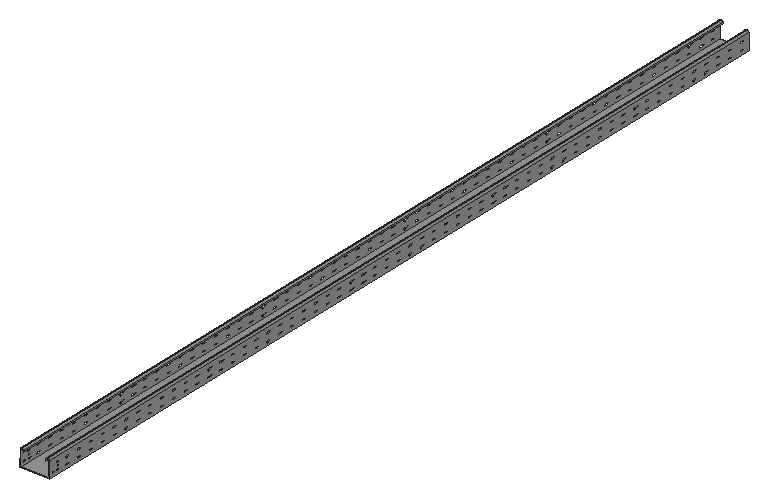
Revit family "Kabelrinne_rksm_A4_610_620_630_640_650_660", category Generic Models, Revit 2017
Family settings
  Can host rebar = No
  Round Connector Dimension = Use Diameter
  Part Type = Normal
  Work Plane-Based = No
  Always vertical = Yes
  Cut with Voids When Loaded = No
  Shared = No
  Room Calculation Point = No
Parameters (values of type "RKSM 610 A4")
  Width 1 = Width / 2  # 50 mm
  Width = 100 mm
  URL = "http://www.obo-bettermann.com"
  Material = Stainless steel, A4
  Manufacturer Art.No. = "6047614"
  Manufacturer = "OBO BETTERMANN"
  Length = 3000 mm
  GTIN = "4012195706113"
  Cut's space 2 = 50.8 mm
  Cut's space = 101.7 mm
  Cut's number 3 = (Length / Cut's space 2) - 1  # 58
  Cut's number 2 = 2
  Cut's number = Length / Cut's space  # 29
  Article Type = "RKSM 610 A4"
Reference planes
  plane 1 "Center (Front/Back)": y = 0
  plane 2: z = 0
  plane 3 "Center (Left/Right)": x = 0
  plane 4: z = 60
  plane 5: z = 51
  plane 6: x = -25
  plane 7: x = -25
  plane 8: z = -2.65
  plane 9: z = -3.65
  plane 10: y = 3000
  plane 11: y = 82.8
  plane 12: y = 133.6
  plane 13: x = 49
  plane 14: x = 50
  plane 15: x = -50
  plane 16: x = -49
  plane 17: x = -49
  plane 18: x = -50
  plane 19: x = -49
  plane 20: x = -50
  plane 21: x = -50
  plane 22: x = -49
  plane 23: x = 50
  plane 24: x = 49
  plane 25: x = -50
  plane 26: x = -49
  plane 27: x = -49
  plane 28: x = -50
Forms (mm)
  Extrusion 1, solid, material "Stainless steel, A4" <- "Material"
    sketch origin (0, 0, 0) x (1, 0, 0) y (0, 0, 1)
      loop
        line (-50, 0) -> (50, 0) -> (50, 54.088)
        arc (50, 54.088) -> (44, 60.088) -> (38, 54.088) r 6
        line (38, 54.088) -> (38, 51) -> (39, 51) -> (39, 54.088)
        arc (39, 54.088) -> (44, 59.088) -> (49, 54.088) r 5
        line (49, 54.088) -> (49, 1) -> (-49, 1) -> (-49, 54.218)
        arc (-49, 54.218) -> (-44, 59.218) -> (-39, 54.218) r 5
        line (-39, 54.218) -> (-39, 51) -> (-38, 51) -> (-38, 54.218)
        arc (-38, 54.218) -> (-44, 60.218) -> (-50, 54.218) r 6
        line (-50, 54.218) -> (-50, 0)
    from 0 to -3000
  Extrusion 2, solid, not visible
    sketch origin (0, 0, 0) x (1, 0, 0) y (0, 1, 0)
      loop
        arc (-34.045, -114.18) -> (-25, -123.225) -> (-15.955, -114.18) r 9.045
        line (-15.955, -114.18) -> (-15.955, -89.18)
        arc (-15.955, -89.18) -> (-25, -80.135) -> (-34.045, -89.18) r 9.045
        line (-34.045, -89.18) -> (-34.045, -114.18)
    from -2.65 to 0
  Extrusion 3, void, not visible
    sketch origin (0, 0, 0) x (1, 0, 0) y (0, 1, 0)
      loop
        arc (-28.5, -114.18) -> (-25, -117.68) -> (-21.5, -114.18) r 3.5
        line (-21.5, -114.18) -> (-21.5, -89.18)
        arc (-21.5, -89.18) -> (-25, -85.68) -> (-28.5, -89.18) r 3.5
        line (-28.5, -89.18) -> (-28.5, -114.18)
    from -3.65 to 1
  Extrusion 4, void, not visible
    sketch origin (0, 0, 0) x (0, 1, 0) y (0, 0, 1)
      loop
        arc (-82.76, 16) -> (-86.26, 12.5) -> (-82.76, 9) r 3.5
        line (-82.76, 9) -> (-69.76, 9)
        arc (-69.76, 9) -> (-66.26, 12.5) -> (-69.76, 16) r 3.5
        line (-69.76, 16) -> (-82.76, 16)
    from 49 to 50
  Extrusion 5, void
    sketch origin (25, 0, 0) x (0, 1, 0) y (0, 0, 1)
      loop
        line (82.8, 16) -> (69.8, 16)
        arc (69.8, 16) -> (66.3, 12.5) -> (69.8, 9) r 3.5
        line (69.8, 9) -> (82.8, 9)
        arc (82.8, 9) -> (86.3, 12.5) -> (82.8, 16) r 3.5
    from -75 to -74
  Extrusion 6, void, not visible
    sketch origin (25, 0, 0) x (0, 1, 0) y (0, 0, 1)
      loop
        line (82.76, 16) -> (69.76, 16)
        arc (69.76, 16) -> (66.26, 12.5) -> (69.76, 9) r 3.5
        line (69.76, 9) -> (82.76, 9)
        arc (82.76, 9) -> (86.26, 12.5) -> (82.76, 16) r 3.5
    from -75 to -74
  Extrusion 7, void, not visible
    sketch origin (-25, 0, 0) x (0, 1, 0) y (0, 0, 1)
      loop
        arc (69.76, 15.998) -> (66.26, 12.498) -> (69.76, 8.998) r 3.5
        line (69.76, 8.998) -> (82.76, 8.998)
        arc (82.76, 8.998) -> (86.26, 12.498) -> (82.76, 15.998) r 3.5
        line (82.76, 15.998) -> (69.76, 15.998)
    from 74 to 75
  Extrusion 8, void
    sketch origin (25, 0, 25) x (0, 1, 0) y (0, 0, 1)
      loop
        line (82.8, 16) -> (69.8, 16)
        arc (69.8, 16) -> (66.3, 12.5) -> (69.8, 9) r 3.5
        line (69.8, 9) -> (82.8, 9)
        arc (82.8, 9) -> (86.3, 12.5) -> (82.8, 16) r 3.5
    from -75 to -74
  Extrusion 9, void, not visible
    sketch origin (25, 0, 0) x (0, 1, 0) y (0, 0, 1)
      loop
        line (82.8, 16) -> (69.8, 16)
        arc (69.8, 16) -> (66.3, 12.5) -> (69.8, 9) r 3.5
        line (69.8, 9) -> (82.8, 9)
        arc (82.8, 9) -> (86.3, 12.5) -> (82.8, 16) r 3.5
    from -75 to -74
  Extrusion 10, void
    sketch origin (-20, 0, 0) x (0, 1, 0) y (0, 0, 1)
      loop
        arc (69.8, 16) -> (66.3, 12.5) -> (69.8, 9) r 3.5
        line (69.8, 9) -> (82.8, 9)
        arc (82.8, 9) -> (86.3, 12.5) -> (82.8, 16) r 3.5
        line (82.8, 16) -> (69.8, 16)
    from 69 to 70
  Extrusion 11, void
    sketch origin (-20, 0, 25) x (0, 1, 0) y (0, 0, 1)
      loop
        arc (69.8, 16) -> (66.3, 12.5) -> (69.8, 9) r 3.5
        line (69.8, 9) -> (82.8, 9)
        arc (82.8, 9) -> (86.3, 12.5) -> (82.8, 16) r 3.5
        line (82.8, 16) -> (69.8, 16)
    from 69 to 70
  Extrusion 12, void, not visible
    sketch origin (0, 0, 0) x (0, 1, 0) y (0, 0, 1)
      loop
        arc (69.8, 16) -> (66.3, 12.5) -> (69.8, 9) r 3.5
        line (69.8, 9) -> (82.8, 9)
        arc (82.8, 9) -> (86.3, 12.5) -> (82.8, 16) r 3.5
        line (82.8, 16) -> (69.8, 16)
    from 69 to 70
  Extrusion 13, void
    sketch origin (-20, 50.8, 0) x (0, 1, 0) y (0, 0, 1)
      loop
        arc (69.8, 16) -> (66.3, 12.5) -> (69.8, 9) r 3.5
        line (69.8, 9) -> (82.8, 9)
        arc (82.8, 9) -> (86.3, 12.5) -> (82.8, 16) r 3.5
        line (82.8, 16) -> (69.8, 16)
    from 69 to 70
  Extrusion 14, void
    sketch origin (-20, 50.8, 25) x (0, 1, 0) y (0, 0, 1)
      loop
        arc (69.8, 16) -> (66.3, 12.5) -> (69.8, 9) r 3.5
        line (69.8, 9) -> (82.8, 9)
        arc (82.8, 9) -> (86.3, 12.5) -> (82.8, 16) r 3.5
        line (82.8, 16) -> (69.8, 16)
    from 69 to 70
  Extrusion 15, void
    sketch origin (-20, 101.6, 0) x (0, 1, 0) y (0, 0, 1)
      loop
        arc (69.8, 16) -> (66.3, 12.5) -> (69.8, 9) r 3.5
        line (69.8, 9) -> (82.8, 9)
        arc (82.8, 9) -> (86.3, 12.5) -> (82.8, 16) r 3.5
        line (82.8, 16) -> (69.8, 16)
    from 69 to 70
  Extrusion 16, void
    sketch origin (-20, 101.6, 25) x (0, 1, 0) y (0, 0, 1)
      loop
        arc (69.8, 16) -> (66.3, 12.5) -> (69.8, 9) r 3.5
        line (69.8, 9) -> (82.8, 9)
        arc (82.8, 9) -> (86.3, 12.5) -> (82.8, 16) r 3.5
        line (82.8, 16) -> (69.8, 16)
    from 69 to 70
  Extrusion 17, void
    sketch origin (-20, 152.4, 0) x (0, 1, 0) y (0, 0, 1)
      loop
        arc (69.8, 16) -> (66.3, 12.5) -> (69.8, 9) r 3.5
        line (69.8, 9) -> (82.8, 9)
        arc (82.8, 9) -> (86.3, 12.5) -> (82.8, 16) r 3.5
        line (82.8, 16) -> (69.8, 16)
    from 69 to 70
  Extrusion 18, void
    sketch origin (-20, 152.4, 25) x (0, 1, 0) y (0, 0, 1)
      loop
        arc (69.8, 16) -> (66.3, 12.5) -> (69.8, 9) r 3.5
        line (69.8, 9) -> (82.8, 9)
        arc (82.8, 9) -> (86.3, 12.5) -> (82.8, 16) r 3.5
        line (82.8, 16) -> (69.8, 16)
    from 69 to 70
  Extrusion 19, void
    sketch origin (25, 50.8, 0) x (0, 1, 0) y (0, 0, 1)
      loop
        line (82.8, 16) -> (69.8, 16)
        arc (69.8, 16) -> (66.3, 12.5) -> (69.8, 9) r 3.5
        line (69.8, 9) -> (82.8, 9)
        arc (82.8, 9) -> (86.3, 12.5) -> (82.8, 16) r 3.5
    from -75 to -74
  Extrusion 20, void
    sketch origin (25, 50.8, 25) x (0, 1, 0) y (0, 0, 1)
      loop
        line (82.8, 16) -> (69.8, 16)
        arc (69.8, 16) -> (66.3, 12.5) -> (69.8, 9) r 3.5
        line (69.8, 9) -> (82.8, 9)
        arc (82.8, 9) -> (86.3, 12.5) -> (82.8, 16) r 3.5
    from -75 to -74
  Extrusion 21, void
    sketch origin (25, 101.6, 0) x (0, 1, 0) y (0, 0, 1)
      loop
        line (82.8, 16) -> (69.8, 16)
        arc (69.8, 16) -> (66.3, 12.5) -> (69.8, 9) r 3.5
        line (69.8, 9) -> (82.8, 9)
        arc (82.8, 9) -> (86.3, 12.5) -> (82.8, 16) r 3.5
    from -75 to -74
  Extrusion 22, void
    sketch origin (25, 101.6, 25) x (0, 1, 0) y (0, 0, 1)
      loop
        line (82.8, 16) -> (69.8, 16)
        arc (69.8, 16) -> (66.3, 12.5) -> (69.8, 9) r 3.5
        line (69.8, 9) -> (82.8, 9)
        arc (82.8, 9) -> (86.3, 12.5) -> (82.8, 16) r 3.5
    from -75 to -74
  Extrusion 23, void
    sketch origin (25, 152.4, 0) x (0, 1, 0) y (0, 0, 1)
      loop
        line (82.8, 16) -> (69.8, 16)
        arc (69.8, 16) -> (66.3, 12.5) -> (69.8, 9) r 3.5
        line (69.8, 9) -> (82.8, 9)
        arc (82.8, 9) -> (86.3, 12.5) -> (82.8, 16) r 3.5
    from -75 to -74
  Extrusion 24, void
    sketch origin (25, 152.4, 25) x (0, 1, 0) y (0, 0, 1)
      loop
        line (82.8, 16) -> (69.8, 16)
        arc (69.8, 16) -> (66.3, 12.5) -> (69.8, 9) r 3.5
        line (69.8, 9) -> (82.8, 9)
        arc (82.8, 9) -> (86.3, 12.5) -> (82.8, 16) r 3.5
    from -75 to -74
  Extrusion 25, void
    sketch origin (25, 203.2, 0) x (0, 1, 0) y (0, 0, 1)
      loop
        line (82.8, 16) -> (69.8, 16)
        arc (69.8, 16) -> (66.3, 12.5) -> (69.8, 9) r 3.5
        line (69.8, 9) -> (82.8, 9)
        arc (82.8, 9) -> (86.3, 12.5) -> (82.8, 16) r 3.5
    from -75 to -74
  Extrusion 26, void
    sketch origin (25, 203.2, 25) x (0, 1, 0) y (0, 0, 1)
      loop
        line (82.8, 16) -> (69.8, 16)
        arc (69.8, 16) -> (66.3, 12.5) -> (69.8, 9) r 3.5
        line (69.8, 9) -> (82.8, 9)
        arc (82.8, 9) -> (86.3, 12.5) -> (82.8, 16) r 3.5
    from -75 to -74
  Extrusion 27, void
    sketch origin (-20, 203.2, 0) x (0, 1, 0) y (0, 0, 1)
      loop
        arc (69.8, 16) -> (66.3, 12.5) -> (69.8, 9) r 3.5
        line (69.8, 9) -> (82.8, 9)
        arc (82.8, 9) -> (86.3, 12.5) -> (82.8, 16) r 3.5
        line (82.8, 16) -> (69.8, 16)
    from 69 to 70
  Extrusion 28, void
    sketch origin (-20, 203.2, 25) x (0, 1, 0) y (0, 0, 1)
      loop
        arc (69.8, 16) -> (66.3, 12.5) -> (69.8, 9) r 3.5
        line (69.8, 9) -> (82.8, 9)
        arc (82.8, 9) -> (86.3, 12.5) -> (82.8, 16) r 3.5
        line (82.8, 16) -> (69.8, 16)
    from 69 to 70
  Extrusion 29, void
    sketch origin (25, 254, 0) x (0, 1, 0) y (0, 0, 1)
      loop
        line (82.8, 16) -> (69.8, 16)
        arc (69.8, 16) -> (66.3, 12.5) -> (69.8, 9) r 3.5
        line (69.8, 9) -> (82.8, 9)
        arc (82.8, 9) -> (86.3, 12.5) -> (82.8, 16) r 3.5
    from -75 to -74
  Extrusion 30, void
    sketch origin (25, 254, 25) x (0, 1, 0) y (0, 0, 1)
      loop
        line (82.8, 16) -> (69.8, 16)
        arc (69.8, 16) -> (66.3, 12.5) -> (69.8, 9) r 3.5
        line (69.8, 9) -> (82.8, 9)
        arc (82.8, 9) -> (86.3, 12.5) -> (82.8, 16) r 3.5
    from -75 to -74
  Extrusion 31, void
    sketch origin (25, 304.8, 0) x (0, 1, 0) y (0, 0, 1)
      loop
        line (82.8, 16) -> (69.8, 16)
        arc (69.8, 16) -> (66.3, 12.5) -> (69.8, 9) r 3.5
        line (69.8, 9) -> (82.8, 9)
        arc (82.8, 9) -> (86.3, 12.5) -> (82.8, 16) r 3.5
    from -75 to -74
  Extrusion 32, void
    sketch origin (25, 304.8, 25) x (0, 1, 0) y (0, 0, 1)
      loop
        line (82.8, 16) -> (69.8, 16)
        arc (69.8, 16) -> (66.3, 12.5) -> (69.8, 9) r 3.5
        line (69.8, 9) -> (82.8, 9)
        arc (82.8, 9) -> (86.3, 12.5) -> (82.8, 16) r 3.5
    from -75 to -74
  Extrusion 33, void
    sketch origin (25, 355.6, 0) x (0, 1, 0) y (0, 0, 1)
      loop
        line (82.8, 16) -> (69.8, 16)
        arc (69.8, 16) -> (66.3, 12.5) -> (69.8, 9) r 3.5
        line (69.8, 9) -> (82.8, 9)
        arc (82.8, 9) -> (86.3, 12.5) -> (82.8, 16) r 3.5
    from -75 to -74
  Extrusion 34, void
    sketch origin (25, 355.6, 25) x (0, 1, 0) y (0, 0, 1)
      loop
        line (82.8, 16) -> (69.8, 16)
        arc (69.8, 16) -> (66.3, 12.5) -> (69.8, 9) r 3.5
        line (69.8, 9) -> (82.8, 9)
        arc (82.8, 9) -> (86.3, 12.5) -> (82.8, 16) r 3.5
    from -75 to -74
  Extrusion 35, void
    sketch origin (25, 406.4, 0) x (0, 1, 0) y (0, 0, 1)
      loop
        line (82.8, 16) -> (69.8, 16)
        arc (69.8, 16) -> (66.3, 12.5) -> (69.8, 9) r 3.5
        line (69.8, 9) -> (82.8, 9)
        arc (82.8, 9) -> (86.3, 12.5) -> (82.8, 16) r 3.5
    from -75 to -74
  Extrusion 36, void
    sketch origin (25, 406.4, 25) x (0, 1, 0) y (0, 0, 1)
      loop
        line (82.8, 16) -> (69.8, 16)
        arc (69.8, 16) -> (66.3, 12.5) -> (69.8, 9) r 3.5
        line (69.8, 9) -> (82.8, 9)
        arc (82.8, 9) -> (86.3, 12.5) -> (82.8, 16) r 3.5
    from -75 to -74
  Extrusion 37, void
    sketch origin (25, 457.2, 0) x (0, 1, 0) y (0, 0, 1)
      loop
        line (82.8, 16) -> (69.8, 16)
        arc (69.8, 16) -> (66.3, 12.5) -> (69.8, 9) r 3.5
        line (69.8, 9) -> (82.8, 9)
        arc (82.8, 9) -> (86.3, 12.5) -> (82.8, 16) r 3.5
    from -75 to -74
  Extrusion 38, void
    sketch origin (25, 457.2, 25) x (0, 1, 0) y (0, 0, 1)
      loop
        line (82.8, 16) -> (69.8, 16)
        arc (69.8, 16) -> (66.3, 12.5) -> (69.8, 9) r 3.5
        line (69.8, 9) -> (82.8, 9)
        arc (82.8, 9) -> (86.3, 12.5) -> (82.8, 16) r 3.5
    from -75 to -74
  Extrusion 39, void
    sketch origin (25, 508, 0) x (0, 1, 0) y (0, 0, 1)
      loop
        line (82.8, 16) -> (69.8, 16)
        arc (69.8, 16) -> (66.3, 12.5) -> (69.8, 9) r 3.5
        line (69.8, 9) -> (82.8, 9)
        arc (82.8, 9) -> (86.3, 12.5) -> (82.8, 16) r 3.5
    from -75 to -74
  Extrusion 40, void
    sketch origin (25, 508, 25) x (0, 1, 0) y (0, 0, 1)
      loop
        line (82.8, 16) -> (69.8, 16)
        arc (69.8, 16) -> (66.3, 12.5) -> (69.8, 9) r 3.5
        line (69.8, 9) -> (82.8, 9)
        arc (82.8, 9) -> (86.3, 12.5) -> (82.8, 16) r 3.5
    from -75 to -74
  Extrusion 41, void
    sketch origin (25, 558.8, 0) x (0, 1, 0) y (0, 0, 1)
      loop
        line (82.8, 16) -> (69.8, 16)
        arc (69.8, 16) -> (66.3, 12.5) -> (69.8, 9) r 3.5
        line (69.8, 9) -> (82.8, 9)
        arc (82.8, 9) -> (86.3, 12.5) -> (82.8, 16) r 3.5
    from -75 to -74
  Extrusion 42, void
    sketch origin (25, 558.8, 25) x (0, 1, 0) y (0, 0, 1)
      loop
        line (82.8, 16) -> (69.8, 16)
        arc (69.8, 16) -> (66.3, 12.5) -> (69.8, 9) r 3.5
        line (69.8, 9) -> (82.8, 9)
        arc (82.8, 9) -> (86.3, 12.5) -> (82.8, 16) r 3.5
    from -75 to -74
  Extrusion 43, void
    sketch origin (25, 609.6, 0) x (0, 1, 0) y (0, 0, 1)
      loop
        line (82.8, 16) -> (69.8, 16)
        arc (69.8, 16) -> (66.3, 12.5) -> (69.8, 9) r 3.5
        line (69.8, 9) -> (82.8, 9)
        arc (82.8, 9) -> (86.3, 12.5) -> (82.8, 16) r 3.5
    from -75 to -74
  Extrusion 44, void
    sketch origin (25, 609.6, 25) x (0, 1, 0) y (0, 0, 1)
      loop
        line (82.8, 16) -> (69.8, 16)
        arc (69.8, 16) -> (66.3, 12.5) -> (69.8, 9) r 3.5
        line (69.8, 9) -> (82.8, 9)
        arc (82.8, 9) -> (86.3, 12.5) -> (82.8, 16) r 3.5
    from -75 to -74
  Extrusion 45, void
    sketch origin (25, 660.4, 0) x (0, 1, 0) y (0, 0, 1)
      loop
        line (82.8, 16) -> (69.8, 16)
        arc (69.8, 16) -> (66.3, 12.5) -> (69.8, 9) r 3.5
        line (69.8, 9) -> (82.8, 9)
        arc (82.8, 9) -> (86.3, 12.5) -> (82.8, 16) r 3.5
    from -75 to -74
  Extrusion 46, void
    sketch origin (25, 660.4, 25) x (0, 1, 0) y (0, 0, 1)
      loop
        line (82.8, 16) -> (69.8, 16)
        arc (69.8, 16) -> (66.3, 12.5) -> (69.8, 9) r 3.5
        line (69.8, 9) -> (82.8, 9)
        arc (82.8, 9) -> (86.3, 12.5) -> (82.8, 16) r 3.5
    from -75 to -74
  Extrusion 47, void
    sketch origin (25, 711.2, 0) x (0, 1, 0) y (0, 0, 1)
      loop
        line (82.8, 16) -> (69.8, 16)
        arc (69.8, 16) -> (66.3, 12.5) -> (69.8, 9) r 3.5
        line (69.8, 9) -> (82.8, 9)
        arc (82.8, 9) -> (86.3, 12.5) -> (82.8, 16) r 3.5
    from -75 to -74
  Extrusion 48, void
    sketch origin (25, 711.2, 25) x (0, 1, 0) y (0, 0, 1)
      loop
        line (82.8, 16) -> (69.8, 16)
        arc (69.8, 16) -> (66.3, 12.5) -> (69.8, 9) r 3.5
        line (69.8, 9) -> (82.8, 9)
        arc (82.8, 9) -> (86.3, 12.5) -> (82.8, 16) r 3.5
    from -75 to -74
  Extrusion 49, void
    sketch origin (25, 762, 0) x (0, 1, 0) y (0, 0, 1)
      loop
        line (82.8, 16) -> (69.8, 16)
        arc (69.8, 16) -> (66.3, 12.5) -> (69.8, 9) r 3.5
        line (69.8, 9) -> (82.8, 9)
        arc (82.8, 9) -> (86.3, 12.5) -> (82.8, 16) r 3.5
    from -75 to -74
  Extrusion 50, void
    sketch origin (25, 762, 25) x (0, 1, 0) y (0, 0, 1)
      loop
        line (82.8, 16) -> (69.8, 16)
        arc (69.8, 16) -> (66.3, 12.5) -> (69.8, 9) r 3.5
        line (69.8, 9) -> (82.8, 9)
        arc (82.8, 9) -> (86.3, 12.5) -> (82.8, 16) r 3.5
    from -75 to -74
  Extrusion 51, void
    sketch origin (25, 812.8, 0) x (0, 1, 0) y (0, 0, 1)
      loop
        line (82.8, 16) -> (69.8, 16)
        arc (69.8, 16) -> (66.3, 12.5) -> (69.8, 9) r 3.5
        line (69.8, 9) -> (82.8, 9)
        arc (82.8, 9) -> (86.3, 12.5) -> (82.8, 16) r 3.5
    from -75 to -74
  Extrusion 52, void
    sketch origin (25, 812.8, 25) x (0, 1, 0) y (0, 0, 1)
      loop
        line (82.8, 16) -> (69.8, 16)
        arc (69.8, 16) -> (66.3, 12.5) -> (69.8, 9) r 3.5
        line (69.8, 9) -> (82.8, 9)
        arc (82.8, 9) -> (86.3, 12.5) -> (82.8, 16) r 3.5
    from -75 to -74
  Extrusion 53, void
    sketch origin (25, 863.6, 0) x (0, 1, 0) y (0, 0, 1)
      loop
        line (82.8, 16) -> (69.8, 16)
        arc (69.8, 16) -> (66.3, 12.5) -> (69.8, 9) r 3.5
        line (69.8, 9) -> (82.8, 9)
        arc (82.8, 9) -> (86.3, 12.5) -> (82.8, 16) r 3.5
    from -75 to -74
  Extrusion 54, void
    sketch origin (25, 863.6, 25) x (0, 1, 0) y (0, 0, 1)
      loop
        line (82.8, 16) -> (69.8, 16)
        arc (69.8, 16) -> (66.3, 12.5) -> (69.8, 9) r 3.5
        line (69.8, 9) -> (82.8, 9)
        arc (82.8, 9) -> (86.3, 12.5) -> (82.8, 16) r 3.5
    from -75 to -74
  Extrusion 55, void
    sketch origin (25, 914.4, 0) x (0, 1, 0) y (0, 0, 1)
      loop
        line (82.8, 16) -> (69.8, 16)
        arc (69.8, 16) -> (66.3, 12.5) -> (69.8, 9) r 3.5
        line (69.8, 9) -> (82.8, 9)
        arc (82.8, 9) -> (86.3, 12.5) -> (82.8, 16) r 3.5
    from -75 to -74
  Extrusion 56, void
    sketch origin (25, 914.4, 25) x (0, 1, 0) y (0, 0, 1)
      loop
        line (82.8, 16) -> (69.8, 16)
        arc (69.8, 16) -> (66.3, 12.5) -> (69.8, 9) r 3.5
        line (69.8, 9) -> (82.8, 9)
        arc (82.8, 9) -> (86.3, 12.5) -> (82.8, 16) r 3.5
    from -75 to -74
  Extrusion 57, void
    sketch origin (25, 965.2, 0) x (0, 1, 0) y (0, 0, 1)
      loop
        line (82.8, 16) -> (69.8, 16)
        arc (69.8, 16) -> (66.3, 12.5) -> (69.8, 9) r 3.5
        line (69.8, 9) -> (82.8, 9)
        arc (82.8, 9) -> (86.3, 12.5) -> (82.8, 16) r 3.5
    from -75 to -74
  Extrusion 58, void
    sketch origin (25, 965.2, 25) x (0, 1, 0) y (0, 0, 1)
      loop
        line (82.8, 16) -> (69.8, 16)
        arc (69.8, 16) -> (66.3, 12.5) -> (69.8, 9) r 3.5
        line (69.8, 9) -> (82.8, 9)
        arc (82.8, 9) -> (86.3, 12.5) -> (82.8, 16) r 3.5
    from -75 to -74
  Extrusion 59, void
    sketch origin (25, 1016, 0) x (0, 1, 0) y (0, 0, 1)
      loop
        line (82.8, 16) -> (69.8, 16)
        arc (69.8, 16) -> (66.3, 12.5) -> (69.8, 9) r 3.5
        line (69.8, 9) -> (82.8, 9)
        arc (82.8, 9) -> (86.3, 12.5) -> (82.8, 16) r 3.5
    from -75 to -74
  Extrusion 60, void
    sketch origin (25, 1016, 25) x (0, 1, 0) y (0, 0, 1)
      loop
        line (82.8, 16) -> (69.8, 16)
        arc (69.8, 16) -> (66.3, 12.5) -> (69.8, 9) r 3.5
        line (69.8, 9) -> (82.8, 9)
        arc (82.8, 9) -> (86.3, 12.5) -> (82.8, 16) r 3.5
    from -75 to -74
  Extrusion 61, void
    sketch origin (25, 1066.8, 0) x (0, 1, 0) y (0, 0, 1)
      loop
        line (82.8, 16) -> (69.8, 16)
        arc (69.8, 16) -> (66.3, 12.5) -> (69.8, 9) r 3.5
        line (69.8, 9) -> (82.8, 9)
        arc (82.8, 9) -> (86.3, 12.5) -> (82.8, 16) r 3.5
    from -75 to -74
  Extrusion 62, void
    sketch origin (25, 1066.8, 25) x (0, 1, 0) y (0, 0, 1)
      loop
        line (82.8, 16) -> (69.8, 16)
        arc (69.8, 16) -> (66.3, 12.5) -> (69.8, 9) r 3.5
        line (69.8, 9) -> (82.8, 9)
        arc (82.8, 9) -> (86.3, 12.5) -> (82.8, 16) r 3.5
    from -75 to -74
  Extrusion 63, void
    sketch origin (25, 1117.6, 0) x (0, 1, 0) y (0, 0, 1)
      loop
        line (82.8, 16) -> (69.8, 16)
        arc (69.8, 16) -> (66.3, 12.5) -> (69.8, 9) r 3.5
        line (69.8, 9) -> (82.8, 9)
        arc (82.8, 9) -> (86.3, 12.5) -> (82.8, 16) r 3.5
    from -75 to -74
  Extrusion 64, void
    sketch origin (25, 1117.6, 25) x (0, 1, 0) y (0, 0, 1)
      loop
        line (82.8, 16) -> (69.8, 16)
        arc (69.8, 16) -> (66.3, 12.5) -> (69.8, 9) r 3.5
        line (69.8, 9) -> (82.8, 9)
        arc (82.8, 9) -> (86.3, 12.5) -> (82.8, 16) r 3.5
    from -75 to -74
  Extrusion 65, void
    sketch origin (25, 1168.4, 0) x (0, 1, 0) y (0, 0, 1)
      loop
        line (82.8, 16) -> (69.8, 16)
        arc (69.8, 16) -> (66.3, 12.5) -> (69.8, 9) r 3.5
        line (69.8, 9) -> (82.8, 9)
        arc (82.8, 9) -> (86.3, 12.5) -> (82.8, 16) r 3.5
    from -75 to -74
  Extrusion 66, void
    sketch origin (25, 1168.4, 25) x (0, 1, 0) y (0, 0, 1)
      loop
        line (82.8, 16) -> (69.8, 16)
        arc (69.8, 16) -> (66.3, 12.5) -> (69.8, 9) r 3.5
        line (69.8, 9) -> (82.8, 9)
        arc (82.8, 9) -> (86.3, 12.5) -> (82.8, 16) r 3.5
    from -75 to -74
  Extrusion 67, void
    sketch origin (25, 1219.2, 0) x (0, 1, 0) y (0, 0, 1)
      loop
        line (82.8, 16) -> (69.8, 16)
        arc (69.8, 16) -> (66.3, 12.5) -> (69.8, 9) r 3.5
        line (69.8, 9) -> (82.8, 9)
        arc (82.8, 9) -> (86.3, 12.5) -> (82.8, 16) r 3.5
    from -75 to -74
  Extrusion 68, void
    sketch origin (25, 1219.2, 25) x (0, 1, 0) y (0, 0, 1)
      loop
        line (82.8, 16) -> (69.8, 16)
        arc (69.8, 16) -> (66.3, 12.5) -> (69.8, 9) r 3.5
        line (69.8, 9) -> (82.8, 9)
        arc (82.8, 9) -> (86.3, 12.5) -> (82.8, 16) r 3.5
    from -75 to -74
  Extrusion 69, void
    sketch origin (25, 1270, 0) x (0, 1, 0) y (0, 0, 1)
      loop
        line (82.8, 16) -> (69.8, 16)
        arc (69.8, 16) -> (66.3, 12.5) -> (69.8, 9) r 3.5
        line (69.8, 9) -> (82.8, 9)
        arc (82.8, 9) -> (86.3, 12.5) -> (82.8, 16) r 3.5
    from -75 to -74
  Extrusion 70, void
    sketch origin (25, 1270, 25) x (0, 1, 0) y (0, 0, 1)
      loop
        line (82.8, 16) -> (69.8, 16)
        arc (69.8, 16) -> (66.3, 12.5) -> (69.8, 9) r 3.5
        line (69.8, 9) -> (82.8, 9)
        arc (82.8, 9) -> (86.3, 12.5) -> (82.8, 16) r 3.5
    from -75 to -74
  Extrusion 71, void
    sketch origin (25, 1320.8, 0) x (0, 1, 0) y (0, 0, 1)
      loop
        line (82.8, 16) -> (69.8, 16)
        arc (69.8, 16) -> (66.3, 12.5) -> (69.8, 9) r 3.5
        line (69.8, 9) -> (82.8, 9)
        arc (82.8, 9) -> (86.3, 12.5) -> (82.8, 16) r 3.5
    from -75 to -74
  Extrusion 72, void
    sketch origin (25, 1320.8, 25) x (0, 1, 0) y (0, 0, 1)
      loop
        line (82.8, 16) -> (69.8, 16)
        arc (69.8, 16) -> (66.3, 12.5) -> (69.8, 9) r 3.5
        line (69.8, 9) -> (82.8, 9)
        arc (82.8, 9) -> (86.3, 12.5) -> (82.8, 16) r 3.5
    from -75 to -74
  Extrusion 73, void
    sketch origin (25, 1371.6, 0) x (0, 1, 0) y (0, 0, 1)
      loop
        line (82.8, 16) -> (69.8, 16)
        arc (69.8, 16) -> (66.3, 12.5) -> (69.8, 9) r 3.5
        line (69.8, 9) -> (82.8, 9)
        arc (82.8, 9) -> (86.3, 12.5) -> (82.8, 16) r 3.5
    from -75 to -74
  Extrusion 74, void
    sketch origin (25, 1371.6, 25) x (0, 1, 0) y (0, 0, 1)
      loop
        line (82.8, 16) -> (69.8, 16)
        arc (69.8, 16) -> (66.3, 12.5) -> (69.8, 9) r 3.5
        line (69.8, 9) -> (82.8, 9)
        arc (82.8, 9) -> (86.3, 12.5) -> (82.8, 16) r 3.5
    from -75 to -74
  Extrusion 75, void
    sketch origin (25, 1422.4, 0) x (0, 1, 0) y (0, 0, 1)
      loop
        line (82.8, 16) -> (69.8, 16)
        arc (69.8, 16) -> (66.3, 12.5) -> (69.8, 9) r 3.5
        line (69.8, 9) -> (82.8, 9)
        arc (82.8, 9) -> (86.3, 12.5) -> (82.8, 16) r 3.5
    from -75 to -74
  Extrusion 76, void
    sketch origin (25, 1422.4, 25) x (0, 1, 0) y (0, 0, 1)
      loop
        line (82.8, 16) -> (69.8, 16)
        arc (69.8, 16) -> (66.3, 12.5) -> (69.8, 9) r 3.5
        line (69.8, 9) -> (82.8, 9)
        arc (82.8, 9) -> (86.3, 12.5) -> (82.8, 16) r 3.5
    from -75 to -74
  Extrusion 77, void
    sketch origin (25, 1473.2, 0) x (0, 1, 0) y (0, 0, 1)
      loop
        line (82.8, 16) -> (69.8, 16)
        arc (69.8, 16) -> (66.3, 12.5) -> (69.8, 9) r 3.5
        line (69.8, 9) -> (82.8, 9)
        arc (82.8, 9) -> (86.3, 12.5) -> (82.8, 16) r 3.5
    from -75 to -74
  Extrusion 78, void
    sketch origin (25, 1473.2, 25) x (0, 1, 0) y (0, 0, 1)
      loop
        line (82.8, 16) -> (69.8, 16)
        arc (69.8, 16) -> (66.3, 12.5) -> (69.8, 9) r 3.5
        line (69.8, 9) -> (82.8, 9)
        arc (82.8, 9) -> (86.3, 12.5) -> (82.8, 16) r 3.5
    from -75 to -74
  Extrusion 79, void
    sketch origin (25, 1524, 0) x (0, 1, 0) y (0, 0, 1)
      loop
        line (82.8, 16) -> (69.8, 16)
        arc (69.8, 16) -> (66.3, 12.5) -> (69.8, 9) r 3.5
        line (69.8, 9) -> (82.8, 9)
        arc (82.8, 9) -> (86.3, 12.5) -> (82.8, 16) r 3.5
    from -75 to -74
  Extrusion 80, void
    sketch origin (25, 1524, 25) x (0, 1, 0) y (0, 0, 1)
      loop
        line (82.8, 16) -> (69.8, 16)
        arc (69.8, 16) -> (66.3, 12.5) -> (69.8, 9) r 3.5
        line (69.8, 9) -> (82.8, 9)
        arc (82.8, 9) -> (86.3, 12.5) -> (82.8, 16) r 3.5
    from -75 to -74
  Extrusion 81, void
    sketch origin (25, 1574.8, 0) x (0, 1, 0) y (0, 0, 1)
      loop
        line (82.8, 16) -> (69.8, 16)
        arc (69.8, 16) -> (66.3, 12.5) -> (69.8, 9) r 3.5
        line (69.8, 9) -> (82.8, 9)
        arc (82.8, 9) -> (86.3, 12.5) -> (82.8, 16) r 3.5
    from -75 to -74
  Extrusion 82, void
    sketch origin (25, 1574.8, 25) x (0, 1, 0) y (0, 0, 1)
      loop
        line (82.8, 16) -> (69.8, 16)
        arc (69.8, 16) -> (66.3, 12.5) -> (69.8, 9) r 3.5
        line (69.8, 9) -> (82.8, 9)
        arc (82.8, 9) -> (86.3, 12.5) -> (82.8, 16) r 3.5
    from -75 to -74
  Extrusion 83, void
    sketch origin (25, 1625.6, 0) x (0, 1, 0) y (0, 0, 1)
      loop
        line (82.8, 16) -> (69.8, 16)
        arc (69.8, 16) -> (66.3, 12.5) -> (69.8, 9) r 3.5
        line (69.8, 9) -> (82.8, 9)
        arc (82.8, 9) -> (86.3, 12.5) -> (82.8, 16) r 3.5
    from -75 to -74
  Extrusion 84, void
    sketch origin (25, 1625.6, 25) x (0, 1, 0) y (0, 0, 1)
      loop
        line (82.8, 16) -> (69.8, 16)
        arc (69.8, 16) -> (66.3, 12.5) -> (69.8, 9) r 3.5
        line (69.8, 9) -> (82.8, 9)
        arc (82.8, 9) -> (86.3, 12.5) -> (82.8, 16) r 3.5
    from -75 to -74
  Extrusion 85, void
    sketch origin (25, 1676.4, 0) x (0, 1, 0) y (0, 0, 1)
      loop
        line (82.8, 16) -> (69.8, 16)
        arc (69.8, 16) -> (66.3, 12.5) -> (69.8, 9) r 3.5
        line (69.8, 9) -> (82.8, 9)
        arc (82.8, 9) -> (86.3, 12.5) -> (82.8, 16) r 3.5
    from -75 to -74
  Extrusion 86, void
    sketch origin (25, 1676.4, 25) x (0, 1, 0) y (0, 0, 1)
      loop
        line (82.8, 16) -> (69.8, 16)
        arc (69.8, 16) -> (66.3, 12.5) -> (69.8, 9) r 3.5
        line (69.8, 9) -> (82.8, 9)
        arc (82.8, 9) -> (86.3, 12.5) -> (82.8, 16) r 3.5
    from -75 to -74
  Extrusion 87, void
    sketch origin (25, 1727.2, 0) x (0, 1, 0) y (0, 0, 1)
      loop
        line (82.8, 16) -> (69.8, 16)
        arc (69.8, 16) -> (66.3, 12.5) -> (69.8, 9) r 3.5
        line (69.8, 9) -> (82.8, 9)
        arc (82.8, 9) -> (86.3, 12.5) -> (82.8, 16) r 3.5
    from -75 to -74
  Extrusion 88, void
    sketch origin (25, 1727.2, 25) x (0, 1, 0) y (0, 0, 1)
      loop
        line (82.8, 16) -> (69.8, 16)
        arc (69.8, 16) -> (66.3, 12.5) -> (69.8, 9) r 3.5
        line (69.8, 9) -> (82.8, 9)
        arc (82.8, 9) -> (86.3, 12.5) -> (82.8, 16) r 3.5
    from -75 to -74
  Extrusion 89, void
    sketch origin (25, 1778, 0) x (0, 1, 0) y (0, 0, 1)
      loop
        line (82.8, 16) -> (69.8, 16)
        arc (69.8, 16) -> (66.3, 12.5) -> (69.8, 9) r 3.5
        line (69.8, 9) -> (82.8, 9)
        arc (82.8, 9) -> (86.3, 12.5) -> (82.8, 16) r 3.5
    from -75 to -74
  Extrusion 90, void
    sketch origin (25, 1778, 25) x (0, 1, 0) y (0, 0, 1)
      loop
        line (82.8, 16) -> (69.8, 16)
        arc (69.8, 16) -> (66.3, 12.5) -> (69.8, 9) r 3.5
        line (69.8, 9) -> (82.8, 9)
        arc (82.8, 9) -> (86.3, 12.5) -> (82.8, 16) r 3.5
    from -75 to -74
  Extrusion 91, void
    sketch origin (25, 1828.8, 0) x (0, 1, 0) y (0, 0, 1)
      loop
        line (82.8, 16) -> (69.8, 16)
        arc (69.8, 16) -> (66.3, 12.5) -> (69.8, 9) r 3.5
        line (69.8, 9) -> (82.8, 9)
        arc (82.8, 9) -> (86.3, 12.5) -> (82.8, 16) r 3.5
    from -75 to -74
  Extrusion 92, void
    sketch origin (25, 1828.8, 25) x (0, 1, 0) y (0, 0, 1)
      loop
        line (82.8, 16) -> (69.8, 16)
        arc (69.8, 16) -> (66.3, 12.5) -> (69.8, 9) r 3.5
        line (69.8, 9) -> (82.8, 9)
        arc (82.8, 9) -> (86.3, 12.5) -> (82.8, 16) r 3.5
    from -75 to -74
  Extrusion 93, void
    sketch origin (25, 1879.6, 0) x (0, 1, 0) y (0, 0, 1)
      loop
        line (82.8, 16) -> (69.8, 16)
        arc (69.8, 16) -> (66.3, 12.5) -> (69.8, 9) r 3.5
        line (69.8, 9) -> (82.8, 9)
        arc (82.8, 9) -> (86.3, 12.5) -> (82.8, 16) r 3.5
    from -75 to -74
  Extrusion 94, void
    sketch origin (25, 1879.6, 25) x (0, 1, 0) y (0, 0, 1)
      loop
        line (82.8, 16) -> (69.8, 16)
        arc (69.8, 16) -> (66.3, 12.5) -> (69.8, 9) r 3.5
        line (69.8, 9) -> (82.8, 9)
        arc (82.8, 9) -> (86.3, 12.5) -> (82.8, 16) r 3.5
    from -75 to -74
  Extrusion 95, void
    sketch origin (25, 1930.4, 0) x (0, 1, 0) y (0, 0, 1)
      loop
        line (82.8, 16) -> (69.8, 16)
        arc (69.8, 16) -> (66.3, 12.5) -> (69.8, 9) r 3.5
        line (69.8, 9) -> (82.8, 9)
        arc (82.8, 9) -> (86.3, 12.5) -> (82.8, 16) r 3.5
    from -75 to -74
  Extrusion 96, void
    sketch origin (25, 1930.4, 25) x (0, 1, 0) y (0, 0, 1)
      loop
        line (82.8, 16) -> (69.8, 16)
        arc (69.8, 16) -> (66.3, 12.5) -> (69.8, 9) r 3.5
        line (69.8, 9) -> (82.8, 9)
        arc (82.8, 9) -> (86.3, 12.5) -> (82.8, 16) r 3.5
    from -75 to -74
  Extrusion 97, void
    sketch origin (25, 1981.2, 0) x (0, 1, 0) y (0, 0, 1)
      loop
        line (82.8, 16) -> (69.8, 16)
        arc (69.8, 16) -> (66.3, 12.5) -> (69.8, 9) r 3.5
        line (69.8, 9) -> (82.8, 9)
        arc (82.8, 9) -> (86.3, 12.5) -> (82.8, 16) r 3.5
    from -75 to -74
  Extrusion 98, void
    sketch origin (25, 1981.2, 25) x (0, 1, 0) y (0, 0, 1)
      loop
        line (82.8, 16) -> (69.8, 16)
        arc (69.8, 16) -> (66.3, 12.5) -> (69.8, 9) r 3.5
        line (69.8, 9) -> (82.8, 9)
        arc (82.8, 9) -> (86.3, 12.5) -> (82.8, 16) r 3.5
    from -75 to -74
  Extrusion 99, void
    sketch origin (25, 2032, 0) x (0, 1, 0) y (0, 0, 1)
      loop
        line (82.8, 16) -> (69.8, 16)
        arc (69.8, 16) -> (66.3, 12.5) -> (69.8, 9) r 3.5
        line (69.8, 9) -> (82.8, 9)
        arc (82.8, 9) -> (86.3, 12.5) -> (82.8, 16) r 3.5
    from -75 to -74
  Extrusion 100, void
    sketch origin (25, 2032, 25) x (0, 1, 0) y (0, 0, 1)
      loop
        line (82.8, 16) -> (69.8, 16)
        arc (69.8, 16) -> (66.3, 12.5) -> (69.8, 9) r 3.5
        line (69.8, 9) -> (82.8, 9)
        arc (82.8, 9) -> (86.3, 12.5) -> (82.8, 16) r 3.5
    from -75 to -74
  Extrusion 101, void
    sketch origin (25, 2082.8, 0) x (0, 1, 0) y (0, 0, 1)
      loop
        line (82.8, 16) -> (69.8, 16)
        arc (69.8, 16) -> (66.3, 12.5) -> (69.8, 9) r 3.5
        line (69.8, 9) -> (82.8, 9)
        arc (82.8, 9) -> (86.3, 12.5) -> (82.8, 16) r 3.5
    from -75 to -74
  Extrusion 102, void
    sketch origin (25, 2082.8, 25) x (0, 1, 0) y (0, 0, 1)
      loop
        line (82.8, 16) -> (69.8, 16)
        arc (69.8, 16) -> (66.3, 12.5) -> (69.8, 9) r 3.5
        line (69.8, 9) -> (82.8, 9)
        arc (82.8, 9) -> (86.3, 12.5) -> (82.8, 16) r 3.5
    from -75 to -74
  Extrusion 103, void
    sketch origin (25, 2133.6, 0) x (0, 1, 0) y (0, 0, 1)
      loop
        line (82.8, 16) -> (69.8, 16)
        arc (69.8, 16) -> (66.3, 12.5) -> (69.8, 9) r 3.5
        line (69.8, 9) -> (82.8, 9)
        arc (82.8, 9) -> (86.3, 12.5) -> (82.8, 16) r 3.5
    from -75 to -74
  Extrusion 104, void
    sketch origin (25, 2133.6, 25) x (0, 1, 0) y (0, 0, 1)
      loop
        line (82.8, 16) -> (69.8, 16)
        arc (69.8, 16) -> (66.3, 12.5) -> (69.8, 9) r 3.5
        line (69.8, 9) -> (82.8, 9)
        arc (82.8, 9) -> (86.3, 12.5) -> (82.8, 16) r 3.5
    from -75 to -74
  Extrusion 105, void
    sketch origin (25, 2184.4, 0) x (0, 1, 0) y (0, 0, 1)
      loop
        line (82.8, 16) -> (69.8, 16)
        arc (69.8, 16) -> (66.3, 12.5) -> (69.8, 9) r 3.5
        line (69.8, 9) -> (82.8, 9)
        arc (82.8, 9) -> (86.3, 12.5) -> (82.8, 16) r 3.5
    from -75 to -74
  Extrusion 106, void
    sketch origin (25, 2184.4, 25) x (0, 1, 0) y (0, 0, 1)
      loop
        line (82.8, 16) -> (69.8, 16)
        arc (69.8, 16) -> (66.3, 12.5) -> (69.8, 9) r 3.5
        line (69.8, 9) -> (82.8, 9)
        arc (82.8, 9) -> (86.3, 12.5) -> (82.8, 16) r 3.5
    from -75 to -74
  Extrusion 107, void
    sketch origin (25, 2235.2, 0) x (0, 1, 0) y (0, 0, 1)
      loop
        line (82.8, 16) -> (69.8, 16)
        arc (69.8, 16) -> (66.3, 12.5) -> (69.8, 9) r 3.5
        line (69.8, 9) -> (82.8, 9)
        arc (82.8, 9) -> (86.3, 12.5) -> (82.8, 16) r 3.5
    from -75 to -74
  Extrusion 108, void
    sketch origin (25, 2235.2, 25) x (0, 1, 0) y (0, 0, 1)
      loop
        line (82.8, 16) -> (69.8, 16)
        arc (69.8, 16) -> (66.3, 12.5) -> (69.8, 9) r 3.5
        line (69.8, 9) -> (82.8, 9)
        arc (82.8, 9) -> (86.3, 12.5) -> (82.8, 16) r 3.5
    from -75 to -74
  Extrusion 109, void
    sketch origin (25, 2286, 0) x (0, 1, 0) y (0, 0, 1)
      loop
        line (82.8, 16) -> (69.8, 16)
        arc (69.8, 16) -> (66.3, 12.5) -> (69.8, 9) r 3.5
        line (69.8, 9) -> (82.8, 9)
        arc (82.8, 9) -> (86.3, 12.5) -> (82.8, 16) r 3.5
    from -75 to -74
  Extrusion 110, void
    sketch origin (25, 2286, 25) x (0, 1, 0) y (0, 0, 1)
      loop
        line (82.8, 16) -> (69.8, 16)
        arc (69.8, 16) -> (66.3, 12.5) -> (69.8, 9) r 3.5
        line (69.8, 9) -> (82.8, 9)
        arc (82.8, 9) -> (86.3, 12.5) -> (82.8, 16) r 3.5
    from -75 to -74
  Extrusion 111, void
    sketch origin (25, 2336.8, 0) x (0, 1, 0) y (0, 0, 1)
      loop
        line (82.8, 16) -> (69.8, 16)
        arc (69.8, 16) -> (66.3, 12.5) -> (69.8, 9) r 3.5
        line (69.8, 9) -> (82.8, 9)
        arc (82.8, 9) -> (86.3, 12.5) -> (82.8, 16) r 3.5
    from -75 to -74
  Extrusion 112, void
    sketch origin (25, 2336.8, 25) x (0, 1, 0) y (0, 0, 1)
      loop
        line (82.8, 16) -> (69.8, 16)
        arc (69.8, 16) -> (66.3, 12.5) -> (69.8, 9) r 3.5
        line (69.8, 9) -> (82.8, 9)
        arc (82.8, 9) -> (86.3, 12.5) -> (82.8, 16) r 3.5
    from -75 to -74
  Extrusion 113, void
    sketch origin (25, 2387.6, 0) x (0, 1, 0) y (0, 0, 1)
      loop
        line (82.8, 16) -> (69.8, 16)
        arc (69.8, 16) -> (66.3, 12.5) -> (69.8, 9) r 3.5
        line (69.8, 9) -> (82.8, 9)
        arc (82.8, 9) -> (86.3, 12.5) -> (82.8, 16) r 3.5
    from -75 to -74
  Extrusion 114, void
    sketch origin (25, 2387.6, 25) x (0, 1, 0) y (0, 0, 1)
      loop
        line (82.8, 16) -> (69.8, 16)
        arc (69.8, 16) -> (66.3, 12.5) -> (69.8, 9) r 3.5
        line (69.8, 9) -> (82.8, 9)
        arc (82.8, 9) -> (86.3, 12.5) -> (82.8, 16) r 3.5
    from -75 to -74
  Extrusion 115, void
    sketch origin (25, 2438.4, 0) x (0, 1, 0) y (0, 0, 1)
      loop
        line (82.8, 16) -> (69.8, 16)
        arc (69.8, 16) -> (66.3, 12.5) -> (69.8, 9) r 3.5
        line (69.8, 9) -> (82.8, 9)
        arc (82.8, 9) -> (86.3, 12.5) -> (82.8, 16) r 3.5
    from -75 to -74
  Extrusion 116, void
    sketch origin (25, 2438.4, 25) x (0, 1, 0) y (0, 0, 1)
      loop
        line (82.8, 16) -> (69.8, 16)
        arc (69.8, 16) -> (66.3, 12.5) -> (69.8, 9) r 3.5
        line (69.8, 9) -> (82.8, 9)
        arc (82.8, 9) -> (86.3, 12.5) -> (82.8, 16) r 3.5
    from -75 to -74
  Extrusion 117, void
    sketch origin (25, 2489.2, 0) x (0, 1, 0) y (0, 0, 1)
      loop
        line (82.8, 16) -> (69.8, 16)
        arc (69.8, 16) -> (66.3, 12.5) -> (69.8, 9) r 3.5
        line (69.8, 9) -> (82.8, 9)
        arc (82.8, 9) -> (86.3, 12.5) -> (82.8, 16) r 3.5
    from -75 to -74
  Extrusion 118, void
    sketch origin (25, 2489.2, 25) x (0, 1, 0) y (0, 0, 1)
      loop
        line (82.8, 16) -> (69.8, 16)
        arc (69.8, 16) -> (66.3, 12.5) -> (69.8, 9) r 3.5
        line (69.8, 9) -> (82.8, 9)
        arc (82.8, 9) -> (86.3, 12.5) -> (82.8, 16) r 3.5
    from -75 to -74
  Extrusion 119, void
    sketch origin (25, 2540, 0) x (0, 1, 0) y (0, 0, 1)
      loop
        line (82.8, 16) -> (69.8, 16)
        arc (69.8, 16) -> (66.3, 12.5) -> (69.8, 9) r 3.5
        line (69.8, 9) -> (82.8, 9)
        arc (82.8, 9) -> (86.3, 12.5) -> (82.8, 16) r 3.5
    from -75 to -74
  Extrusion 120, void
    sketch origin (25, 2540, 25) x (0, 1, 0) y (0, 0, 1)
      loop
        line (82.8, 16) -> (69.8, 16)
        arc (69.8, 16) -> (66.3, 12.5) -> (69.8, 9) r 3.5
        line (69.8, 9) -> (82.8, 9)
        arc (82.8, 9) -> (86.3, 12.5) -> (82.8, 16) r 3.5
    from -75 to -74
  Extrusion 121, void
    sketch origin (25, 2590.8, 0) x (0, 1, 0) y (0, 0, 1)
      loop
        line (82.8, 16) -> (69.8, 16)
        arc (69.8, 16) -> (66.3, 12.5) -> (69.8, 9) r 3.5
        line (69.8, 9) -> (82.8, 9)
        arc (82.8, 9) -> (86.3, 12.5) -> (82.8, 16) r 3.5
    from -75 to -74
  Extrusion 122, void
    sketch origin (25, 2590.8, 25) x (0, 1, 0) y (0, 0, 1)
      loop
        line (82.8, 16) -> (69.8, 16)
        arc (69.8, 16) -> (66.3, 12.5) -> (69.8, 9) r 3.5
        line (69.8, 9) -> (82.8, 9)
        arc (82.8, 9) -> (86.3, 12.5) -> (82.8, 16) r 3.5
    from -75 to -74
  Extrusion 123, void
    sketch origin (25, 2641.6, 0) x (0, 1, 0) y (0, 0, 1)
      loop
        line (82.8, 16) -> (69.8, 16)
        arc (69.8, 16) -> (66.3, 12.5) -> (69.8, 9) r 3.5
        line (69.8, 9) -> (82.8, 9)
        arc (82.8, 9) -> (86.3, 12.5) -> (82.8, 16) r 3.5
    from -75 to -74
  Extrusion 124, void
    sketch origin (25, 2641.6, 25) x (0, 1, 0) y (0, 0, 1)
      loop
        line (82.8, 16) -> (69.8, 16)
        arc (69.8, 16) -> (66.3, 12.5) -> (69.8, 9) r 3.5
        line (69.8, 9) -> (82.8, 9)
        arc (82.8, 9) -> (86.3, 12.5) -> (82.8, 16) r 3.5
    from -75 to -74
  Extrusion 125, void
    sketch origin (25, 2692.4, 0) x (0, 1, 0) y (0, 0, 1)
      loop
        line (82.8, 16) -> (69.8, 16)
        arc (69.8, 16) -> (66.3, 12.5) -> (69.8, 9) r 3.5
        line (69.8, 9) -> (82.8, 9)
        arc (82.8, 9) -> (86.3, 12.5) -> (82.8, 16) r 3.5
    from -75 to -74
  Extrusion 126, void
    sketch origin (25, 2692.4, 25) x (0, 1, 0) y (0, 0, 1)
      loop
        line (82.8, 16) -> (69.8, 16)
        arc (69.8, 16) -> (66.3, 12.5) -> (69.8, 9) r 3.5
        line (69.8, 9) -> (82.8, 9)
        arc (82.8, 9) -> (86.3, 12.5) -> (82.8, 16) r 3.5
    from -75 to -74
  Extrusion 127, void
    sketch origin (25, 2743.2, 0) x (0, 1, 0) y (0, 0, 1)
      loop
        line (82.8, 16) -> (69.8, 16)
        arc (69.8, 16) -> (66.3, 12.5) -> (69.8, 9) r 3.5
        line (69.8, 9) -> (82.8, 9)
        arc (82.8, 9) -> (86.3, 12.5) -> (82.8, 16) r 3.5
    from -75 to -74
  Extrusion 128, void
    sketch origin (25, 2743.2, 25) x (0, 1, 0) y (0, 0, 1)
      loop
        line (82.8, 16) -> (69.8, 16)
        arc (69.8, 16) -> (66.3, 12.5) -> (69.8, 9) r 3.5
        line (69.8, 9) -> (82.8, 9)
        arc (82.8, 9) -> (86.3, 12.5) -> (82.8, 16) r 3.5
    from -75 to -74
  Extrusion 129, void
    sketch origin (25, 2794, 0) x (0, 1, 0) y (0, 0, 1)
      loop
        line (82.8, 16) -> (69.8, 16)
        arc (69.8, 16) -> (66.3, 12.5) -> (69.8, 9) r 3.5
        line (69.8, 9) -> (82.8, 9)
        arc (82.8, 9) -> (86.3, 12.5) -> (82.8, 16) r 3.5
    from -75 to -74
  Extrusion 130, void
    sketch origin (25, 2794, 25) x (0, 1, 0) y (0, 0, 1)
      loop
        line (82.8, 16) -> (69.8, 16)
        arc (69.8, 16) -> (66.3, 12.5) -> (69.8, 9) r 3.5
        line (69.8, 9) -> (82.8, 9)
        arc (82.8, 9) -> (86.3, 12.5) -> (82.8, 16) r 3.5
    from -75 to -74
  Extrusion 131, void
    sketch origin (25, 2844.8, 0) x (0, 1, 0) y (0, 0, 1)
      loop
        line (82.8, 16) -> (69.8, 16)
        arc (69.8, 16) -> (66.3, 12.5) -> (69.8, 9) r 3.5
        line (69.8, 9) -> (82.8, 9)
        arc (82.8, 9) -> (86.3, 12.5) -> (82.8, 16) r 3.5
    from -75 to -74
  Extrusion 132, void
    sketch origin (25, 2844.8, 25) x (0, 1, 0) y (0, 0, 1)
      loop
        line (82.8, 16) -> (69.8, 16)
        arc (69.8, 16) -> (66.3, 12.5) -> (69.8, 9) r 3.5
        line (69.8, 9) -> (82.8, 9)
        arc (82.8, 9) -> (86.3, 12.5) -> (82.8, 16) r 3.5
    from -75 to -74
  Extrusion 133, void
    sketch origin (25, 2895.6, 0) x (0, 1, 0) y (0, 0, 1)
      loop
        line (82.8, 16) -> (69.8, 16)
        arc (69.8, 16) -> (66.3, 12.5) -> (69.8, 9) r 3.5
        line (69.8, 9) -> (82.8, 9)
        arc (82.8, 9) -> (86.3, 12.5) -> (82.8, 16) r 3.5
    from -75 to -74
  Extrusion 134, void
    sketch origin (25, 2895.6, 25) x (0, 1, 0) y (0, 0, 1)
      loop
        line (82.8, 16) -> (69.8, 16)
        arc (69.8, 16) -> (66.3, 12.5) -> (69.8, 9) r 3.5
        line (69.8, 9) -> (82.8, 9)
        arc (82.8, 9) -> (86.3, 12.5) -> (82.8, 16) r 3.5
    from -75 to -74
  Extrusion 135, void
    sketch origin (-20, 254, 0) x (0, 1, 0) y (0, 0, 1)
      loop
        arc (69.8, 16) -> (66.3, 12.5) -> (69.8, 9) r 3.5
        line (69.8, 9) -> (82.8, 9)
        arc (82.8, 9) -> (86.3, 12.5) -> (82.8, 16) r 3.5
        line (82.8, 16) -> (69.8, 16)
    from 69 to 70
  Extrusion 136, void
    sketch origin (-20, 254, 25) x (0, 1, 0) y (0, 0, 1)
      loop
        arc (69.8, 16) -> (66.3, 12.5) -> (69.8, 9) r 3.5
        line (69.8, 9) -> (82.8, 9)
        arc (82.8, 9) -> (86.3, 12.5) -> (82.8, 16) r 3.5
        line (82.8, 16) -> (69.8, 16)
    from 69 to 70
  Extrusion 137, void
    sketch origin (-20, 304.8, 0) x (0, 1, 0) y (0, 0, 1)
      loop
        arc (69.8, 16) -> (66.3, 12.5) -> (69.8, 9) r 3.5
        line (69.8, 9) -> (82.8, 9)
        arc (82.8, 9) -> (86.3, 12.5) -> (82.8, 16) r 3.5
        line (82.8, 16) -> (69.8, 16)
    from 69 to 70
  Extrusion 138, void
    sketch origin (-20, 304.8, 25) x (0, 1, 0) y (0, 0, 1)
      loop
        arc (69.8, 16) -> (66.3, 12.5) -> (69.8, 9) r 3.5
        line (69.8, 9) -> (82.8, 9)
        arc (82.8, 9) -> (86.3, 12.5) -> (82.8, 16) r 3.5
        line (82.8, 16) -> (69.8, 16)
    from 69 to 70
  Extrusion 139, void
    sketch origin (-20, 355.6, 0) x (0, 1, 0) y (0, 0, 1)
      loop
        arc (69.8, 16) -> (66.3, 12.5) -> (69.8, 9) r 3.5
        line (69.8, 9) -> (82.8, 9)
        arc (82.8, 9) -> (86.3, 12.5) -> (82.8, 16) r 3.5
        line (82.8, 16) -> (69.8, 16)
    from 69 to 70
  Extrusion 140, void
    sketch origin (-20, 355.6, 25) x (0, 1, 0) y (0, 0, 1)
      loop
        arc (69.8, 16) -> (66.3, 12.5) -> (69.8, 9) r 3.5
        line (69.8, 9) -> (82.8, 9)
        arc (82.8, 9) -> (86.3, 12.5) -> (82.8, 16) r 3.5
        line (82.8, 16) -> (69.8, 16)
    from 69 to 70
  Extrusion 141, void
    sketch origin (-20, 406.4, 0) x (0, 1, 0) y (0, 0, 1)
      loop
        arc (69.8, 16) -> (66.3, 12.5) -> (69.8, 9) r 3.5
        line (69.8, 9) -> (82.8, 9)
        arc (82.8, 9) -> (86.3, 12.5) -> (82.8, 16) r 3.5
        line (82.8, 16) -> (69.8, 16)
    from 69 to 70
  Extrusion 142, void
    sketch origin (-20, 406.4, 25) x (0, 1, 0) y (0, 0, 1)
      loop
        arc (69.8, 16) -> (66.3, 12.5) -> (69.8, 9) r 3.5
        line (69.8, 9) -> (82.8, 9)
        arc (82.8, 9) -> (86.3, 12.5) -> (82.8, 16) r 3.5
        line (82.8, 16) -> (69.8, 16)
    from 69 to 70
  Extrusion 143, void
    sketch origin (-20, 457.2, 0) x (0, 1, 0) y (0, 0, 1)
      loop
        arc (69.8, 16) -> (66.3, 12.5) -> (69.8, 9) r 3.5
        line (69.8, 9) -> (82.8, 9)
        arc (82.8, 9) -> (86.3, 12.5) -> (82.8, 16) r 3.5
        line (82.8, 16) -> (69.8, 16)
    from 69 to 70
  Extrusion 144, void
    sketch origin (-20, 457.2, 25) x (0, 1, 0) y (0, 0, 1)
      loop
        arc (69.8, 16) -> (66.3, 12.5) -> (69.8, 9) r 3.5
        line (69.8, 9) -> (82.8, 9)
        arc (82.8, 9) -> (86.3, 12.5) -> (82.8, 16) r 3.5
        line (82.8, 16) -> (69.8, 16)
    from 69 to 70
  Extrusion 145, void
    sketch origin (-20, 508, 0) x (0, 1, 0) y (0, 0, 1)
      loop
        arc (69.8, 16) -> (66.3, 12.5) -> (69.8, 9) r 3.5
        line (69.8, 9) -> (82.8, 9)
        arc (82.8, 9) -> (86.3, 12.5) -> (82.8, 16) r 3.5
        line (82.8, 16) -> (69.8, 16)
    from 69 to 70
  Extrusion 146, void
    sketch origin (-20, 508, 25) x (0, 1, 0) y (0, 0, 1)
      loop
        arc (69.8, 16) -> (66.3, 12.5) -> (69.8, 9) r 3.5
        line (69.8, 9) -> (82.8, 9)
        arc (82.8, 9) -> (86.3, 12.5) -> (82.8, 16) r 3.5
        line (82.8, 16) -> (69.8, 16)
    from 69 to 70
  Extrusion 147, void
    sketch origin (-20, 558.8, 0) x (0, 1, 0) y (0, 0, 1)
      loop
        arc (69.8, 16) -> (66.3, 12.5) -> (69.8, 9) r 3.5
        line (69.8, 9) -> (82.8, 9)
        arc (82.8, 9) -> (86.3, 12.5) -> (82.8, 16) r 3.5
        line (82.8, 16) -> (69.8, 16)
    from 69 to 70
  Extrusion 148, void
    sketch origin (-20, 558.8, 25) x (0, 1, 0) y (0, 0, 1)
      loop
        arc (69.8, 16) -> (66.3, 12.5) -> (69.8, 9) r 3.5
        line (69.8, 9) -> (82.8, 9)
        arc (82.8, 9) -> (86.3, 12.5) -> (82.8, 16) r 3.5
        line (82.8, 16) -> (69.8, 16)
    from 69 to 70
  Extrusion 149, void
    sketch origin (-20, 609.6, 0) x (0, 1, 0) y (0, 0, 1)
      loop
        arc (69.8, 16) -> (66.3, 12.5) -> (69.8, 9) r 3.5
        line (69.8, 9) -> (82.8, 9)
        arc (82.8, 9) -> (86.3, 12.5) -> (82.8, 16) r 3.5
        line (82.8, 16) -> (69.8, 16)
    from 69 to 70
  Extrusion 150, void
    sketch origin (-20, 609.6, 25) x (0, 1, 0) y (0, 0, 1)
      loop
        arc (69.8, 16) -> (66.3, 12.5) -> (69.8, 9) r 3.5
        line (69.8, 9) -> (82.8, 9)
        arc (82.8, 9) -> (86.3, 12.5) -> (82.8, 16) r 3.5
        line (82.8, 16) -> (69.8, 16)
    from 69 to 70
  Extrusion 151, void
    sketch origin (-20, 660.4, 0) x (0, 1, 0) y (0, 0, 1)
      loop
        arc (69.8, 16) -> (66.3, 12.5) -> (69.8, 9) r 3.5
        line (69.8, 9) -> (82.8, 9)
        arc (82.8, 9) -> (86.3, 12.5) -> (82.8, 16) r 3.5
        line (82.8, 16) -> (69.8, 16)
    from 69 to 70
  Extrusion 152, void
    sketch origin (-20, 660.4, 25) x (0, 1, 0) y (0, 0, 1)
      loop
        arc (69.8, 16) -> (66.3, 12.5) -> (69.8, 9) r 3.5
        line (69.8, 9) -> (82.8, 9)
        arc (82.8, 9) -> (86.3, 12.5) -> (82.8, 16) r 3.5
        line (82.8, 16) -> (69.8, 16)
    from 69 to 70
  Extrusion 153, void
    sketch origin (-20, 711.2, 0) x (0, 1, 0) y (0, 0, 1)
      loop
        arc (69.8, 16) -> (66.3, 12.5) -> (69.8, 9) r 3.5
        line (69.8, 9) -> (82.8, 9)
        arc (82.8, 9) -> (86.3, 12.5) -> (82.8, 16) r 3.5
        line (82.8, 16) -> (69.8, 16)
    from 69 to 70
  Extrusion 154, void
    sketch origin (-20, 711.2, 25) x (0, 1, 0) y (0, 0, 1)
      loop
        arc (69.8, 16) -> (66.3, 12.5) -> (69.8, 9) r 3.5
        line (69.8, 9) -> (82.8, 9)
        arc (82.8, 9) -> (86.3, 12.5) -> (82.8, 16) r 3.5
        line (82.8, 16) -> (69.8, 16)
    from 69 to 70
  Extrusion 155, void
    sketch origin (-20, 762, 0) x (0, 1, 0) y (0, 0, 1)
      loop
        arc (69.8, 16) -> (66.3, 12.5) -> (69.8, 9) r 3.5
        line (69.8, 9) -> (82.8, 9)
        arc (82.8, 9) -> (86.3, 12.5) -> (82.8, 16) r 3.5
        line (82.8, 16) -> (69.8, 16)
    from 69 to 70
  Extrusion 156, void
    sketch origin (-20, 762, 25) x (0, 1, 0) y (0, 0, 1)
      loop
        arc (69.8, 16) -> (66.3, 12.5) -> (69.8, 9) r 3.5
        line (69.8, 9) -> (82.8, 9)
        arc (82.8, 9) -> (86.3, 12.5) -> (82.8, 16) r 3.5
        line (82.8, 16) -> (69.8, 16)
    from 69 to 70
  Extrusion 157, void
    sketch origin (-20, 812.8, 0) x (0, 1, 0) y (0, 0, 1)
      loop
        arc (69.8, 16) -> (66.3, 12.5) -> (69.8, 9) r 3.5
        line (69.8, 9) -> (82.8, 9)
        arc (82.8, 9) -> (86.3, 12.5) -> (82.8, 16) r 3.5
        line (82.8, 16) -> (69.8, 16)
    from 69 to 70
  Extrusion 158, void
    sketch origin (-20, 812.8, 25) x (0, 1, 0) y (0, 0, 1)
      loop
        arc (69.8, 16) -> (66.3, 12.5) -> (69.8, 9) r 3.5
        line (69.8, 9) -> (82.8, 9)
        arc (82.8, 9) -> (86.3, 12.5) -> (82.8, 16) r 3.5
        line (82.8, 16) -> (69.8, 16)
    from 69 to 70
  Extrusion 159, void
    sketch origin (-20, 863.6, 0) x (0, 1, 0) y (0, 0, 1)
      loop
        arc (69.8, 16) -> (66.3, 12.5) -> (69.8, 9) r 3.5
        line (69.8, 9) -> (82.8, 9)
        arc (82.8, 9) -> (86.3, 12.5) -> (82.8, 16) r 3.5
        line (82.8, 16) -> (69.8, 16)
    from 69 to 70
  Extrusion 160, void
    sketch origin (-20, 863.6, 25) x (0, 1, 0) y (0, 0, 1)
      loop
        arc (69.8, 16) -> (66.3, 12.5) -> (69.8, 9) r 3.5
        line (69.8, 9) -> (82.8, 9)
